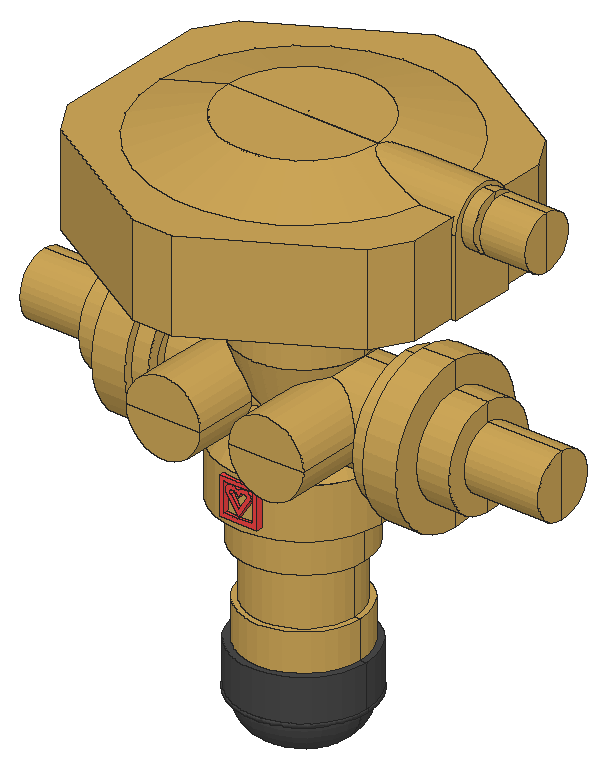
Revit family "Kombiventil 4006_R", category Rohrzubehör, Revit 2018
Family settings
  Bemaßung runder Anschluss = Durchmesser verwenden
  Teiletyp = Unterbricht
  OmniClass-Nummer = 23.65.55.14
  OmniClass-Titel = Valves for Liquid Services
  Arbeitsebenenbasiert = Nein
  Immer vertikal = Ja
  Beim Laden mit Abzugskörper schneiden = Nein
  Gemeinsam genutzt = Nein
Parameters
  min.Betriebstemperatur (Frostschutz) = -20 °C  # constant formula
  max.Betriebstemperatur bis DN32 = 130 °C  # constant formula
  max.Betriebstemperatur ab DN40 = 110 °C  # constant formula
  max.Betriebsdruck = 1600000.0 Pa  # constant formula
  VRL04 = 8.000 mm  # constant formula
  VRL03 [instance] = L01 + 4.000 mm  # 12.000 mm
  VRL02 = 18.000 mm  # constant formula
  VRL01 [instance] = size_lookup("4006R_", "VRL1", 30.000 mm, Nennweite)  # 30.000 mm
  URL = "www.herz-armaturen.at"
  Stift = "Edelstahl 14301"  # constant formula
  SCRNSEQ = "ARM;ARM_TYP=\"DURR\";2"
  SCRNCODE = "05;04;02"  # constant formula
  S05 [instance] = VRL01  # 30.000 mm
  S04 [instance] = H08 + (S03 / 2)  # 45.750 mm
  S03 [instance] = H09 + 4.700 mm  # 26.500 mm
  S02 [instance] = VRD01 * 2  # 36.400 mm
  S01 [instance] = 10.000 mm  # constant formula
  R12 = 3.900 mm  # constant formula
  R11 = 6.500 mm  # constant formula
  R10 = 35.000 mm  # constant formula
  R09 = 18.250 mm  # constant formula
  R08 = 11.300 mm  # constant formula
  R07 [instance] = size_lookup("4006R_", "R7", 17.300 mm, Nennweite)  # 17.300 mm
  R06 [instance] = size_lookup("4006R_", "R6", 19.000 mm, Nennweite)  # 19.000 mm
  R05 = 15.000 mm  # constant formula
  R04 = 12.500 mm  # constant formula
  R02 [instance] = size_lookup("4006R_", "R2", 15.000 mm, Nennweite)  # 15.000 mm
  R01 [instance] = size_lookup("4006R_", "R1", 11.500 mm, Nennweite)  # 11.500 mm
  PN = 16  # constant formula
  O-Ringe = "EPDM"  # constant formula
  Nennweite [instance] = 15.000 mm
  min.Betriebstemperatur (reines Wasser) = 2 °C  # constant formula
  Membrangehäuse = "Messing CW602N"  # constant formula
  Membrane = "EPDM"  # constant formula
  Medium = "Heizungswasserqualität nach ÖNORM H 5195 oder VDI-Richtline 2035.\r\nDie Verwendung von Ethylen- oder\nPropylenglykol in einem Mischungsverhältnis 25 - 50% ist zulässig."
  L06 [instance] = L00 / 2  # 33.000 mm
  L05 = 11.000 mm  # constant formula
  L04 = 1.500 mm  # constant formula
  L03 = 3.200 mm  # constant formula
  L02 = 43.500 mm  # constant formula
  L01 [instance] = size_lookup("4006R_", "L1", 8.000 mm, Nennweite)  # 8.000 mm
  L00 [instance] = size_lookup("4006R_", "L", 66.000 mm, Nennweite)  # 66.000 mm
  Impulsleitung = "Kupfer Cu-DHP (CW024A)"  # constant formula
  Hub = 4.000 mm  # constant formula
  Hersteller = "Herz-Armaturen GmbH"  # constant formula
  H13 [instance] = H02 - H05 - H03 - H04 - 2.000 mm  # 21.700 mm
  H12 = 19.250 mm  # constant formula
  H11 [instance] = size_lookup("4006R_", "H11", 59.000 mm, Nennweite)  # 59.000 mm
  H10 [instance] = H08 + H09  # 54.300 mm
  H09 = 21.800 mm  # constant formula
  H08 [instance] = H01 + H06 + H07  # 32.500 mm
  H07 = 4.000 mm  # constant formula
  H06 [instance] = size_lookup("4006R_", "H6", 10.000 mm, Nennweite)  # 10.000 mm
  H05 = 9.000 mm  # constant formula
  H04 [instance] = size_lookup("4006R_", "H4", 9.600 mm, Nennweite)  # 9.600 mm
  H03 [instance] = size_lookup("4006R_", "H3", 13.000 mm, Nennweite)  # 13.000 mm
  H02 [instance] = size_lookup("4006R_", "H2", 55.300 mm, Nennweite)  # 55.300 mm
  H01 [instance] = size_lookup("4006R_", "H1", 18.500 mm, Nennweite)  # 18.500 mm
  Gehäuse = "DZR Messing CC770S"  # constant formula
  VRG03 [instance] = Nennweite / 2  # 7.500 mm
  G02 [instance] = size_lookup("4006R_", "G2", 13.900 mm, Nennweite)  # 13.900 mm
  G01 [instance] = size_lookup("4006R_", "G1", 13.200 mm, Nennweite)  # 13.200 mm
  Druckfeder = "Federstahl"  # constant formula
  DN50 [instance] = Nennweite = 50.000 mm  # no
  DN40 [instance] = Nennweite = 40.000 mm  # no
  DN32 [instance] = Nennweite = 32.000 mm  # no
  DN25 [instance] = Nennweite = 25.000 mm  # no
  DN20 [instance] = Nennweite = 20.000 mm  # no
  DN15 [instance] = Nennweite = 15.000 mm  # yes
  VRD03 [instance] = VRG03 + 4.500 mm  # 12.000 mm
  VRD02 [instance] = G01 + 3.000 mm  # 16.200 mm
  VRD01 [instance] = G01 + 5.000 mm  # 18.200 mm
  Bestellnummer Verschraubung [instance] = size_lookup("4006R_", "Vrnr", 0, Nennweite)  # 1621011
  Bestellnummer [instance] = size_lookup("4006R_", "Artnr", 0, Nennweite)  # 1400641
  Bauschutzkappe = "Kunststoff"  # constant formula
  Anwendungsgebiet = "Das Kombiventil wird in allen pumpenbetriebenen Heiz- und Kühlanlagen eingesetzt. Der Regler begrenzt automatisch\r\nden Volumenstrom im gewählten Anlagenteil auf den einmal eingestellten Wert, indem alle Druckschwankungen\r\ngemessen und ausgeregelt werden. Somit sind keine Messungen erforderlich und die Regelung ist bei allen\r\nBetriebsbedingungen effektiv. Das Kombiventil regelt den Volumenstrom der ventileigenen Voreinstellung auf einen\r\nkonstanten Wert; die Membran regelt aufgrund des Druckes unmittelbar nach dem Regeleinsatz, sowie des Druckes\r\ndavor."
Reference planes
  plane 1 "Mitte (Vorne/hinten)": y = 0
  plane 2: z = 0
  plane 3 "Mitte (Links/rechts)": x = 0
Forms (mm)
  Revolve 1, solid, material "Messing, weicher Gelbton, geschweißt", detail levels fine
    sketch origin (0, 0, 0) x (1, 0, 0) y (0, 0, 1)
      loop
        line (-33, 0) -> (33, 0) -> (33, 13.2) -> (25, 13.2) -> (25, 11.5) -> (-25, 11.5) -> (-25, 13.2) -> (-33, 13.2) -> (-33, 0)
      axis (-33, 0) -> (33, 0)
    angle from 0 to 360
  Revolve 2, solid, material "Messing, weicher Gelbton, geschweißt", detail levels fine
    sketch origin (0, 0, 0) x (1, 0, 0) y (0, 0, 1)
      loop
        line (0, -55.3) -> (0, 18.5) -> (-15, 18.5) -> (-15, 11.5) -> (-11.5, 0) -> (-19, -11.5) -> (-19, -23.7) -> (-15, -23.7) -> (-15, -33.3) -> (-12.5, -33.3) -> (-12.5, -46.3) -> (-13.9, -46.3) -> (-13.9, -55.3) -> (0, -55.3)
      axis (0, 18.5) -> (0, -55.3)
    angle from 0 to 360
  Revolve 3, solid, material "Messing, weicher Gelbton, geschweißt", detail levels fine
    sketch origin (0, 0, 0) x (1, 0, 0) y (0, 0, 1)
      loop
        line (0, 18.5) -> (0, 32.5) -> (-11.3, 32.5) -> (-11.3, 28.5) -> (-17.3, 28.5) -> (-17.3, 18.5) -> (0, 18.5)
      axis (0, 32.5) -> (0, 18.5)
    angle from 0 to 360
  Extrusion 4, solid, material "Messing, weicher Gelbton, geschweißt", detail levels fine
    sketch origin (0, 0, 0) x (0, -1, 0) y (1, 0, 0)
      loop
        line (-46, -4.75) -> (-27.114, -37.462) -> (-18.886, -42.212) -> (18.886, -42.212) -> (27.114, -37.462) -> (46, -4.75) -> (46, 4.75) -> (27.114, 37.462) -> (18.886, 42.212) -> (-18.886, 42.212) -> (-27.114, 37.462) -> (-46, 4.75) -> (-46, -4.75)
    from 32.5 to 54.3
  Revolve 5, solid, material "Messing, weicher Gelbton, geschweißt", detail levels fine
    sketch origin (0, 0, 0) x (1, 0, 0) y (0, 0, 1)
      loop
        line (0, 54.3) -> (0, 59) -> (-18.25, 59) -> (-35, 54.3) -> (0, 54.3)
      axis (0, 59) -> (0, 54.3)
    angle from 0 to 360
  Extrusion 6, solid, material "Messing, weicher Gelbton, geschweißt", detail levels fine
    sketch origin (0, 0, 0) x (0, 1, 0) y (0, 0, 1)
      loop
        arc (7.85, 51.15) -> (0, 59) -> (-7.85, 51.15) r 7.85
        line (-7.85, 51.15) -> (-7.85, 32.5) -> (7.85, 32.5) -> (7.85, 51.15)
    from 0 to 43.5
  Revolve 7, solid, material "Messing, weicher Gelbton, geschweißt", detail levels fine
    sketch origin (0, 0, 0) x (1, 0, 0) y (0, 0, 1)
      loop
        line (43.5, 51.75) -> (59.2, 51.75) -> (59.2, 58.25) -> (48.2, 58.25) -> (48.2, 55.65) -> (46.7, 55.65) -> (46.7, 58.25) -> (43.5, 58.25) -> (43.5, 51.75)
      axis (43.5, 51.75) -> (59.2, 51.75)
    angle from 0 to 360
  Revolve 8, solid, material "Messing, weicher Gelbton, geschweißt", visible <- "DN15", detail levels fine
    sketch origin (0, 0, 0) x (1, 0, 0) y (0, 1, 0)
      loop
        line (-12.5, 24) -> (-20.2, 24) -> (-20.2, 0) -> (-21.5, 0) -> (-21.5, -27) -> (-12.5, -27) -> (-12.5, 24)
      axis (-12.5, 24) -> (-12.5, -27)
    angle from 0 to 360
  Revolve 9, solid, material "Messing, weicher Gelbton, geschweißt", visible <- "DN15", detail levels fine
    sketch origin (-12.5, 0, 0) x (0, 1, 0) y (0, 0, 1)
      loop
        line (24, 0) -> (39.7, 0) -> (39.7, 6.5) -> (28.7, 6.5) -> (28.7, 3.9) -> (27.2, 3.9) -> (27.2, 6.5) -> (24, 6.5) -> (24, 0)
      axis (24, 0) -> (39.7, 0)
    angle from 0 to 360
  Revolve 10, solid, material "Messing, weicher Gelbton, geschweißt", visible <- "DN15", detail levels fine
    sketch origin (0, 0, 0) x (1, 0, 0) y (0, 1, 0)
      loop
        line (12.5, 0) -> (12.5, -27) -> (21.6, -27) -> (21.6, 0) -> (12.5, 0)
      axis (12.5, 0) -> (12.5, -27)
    angle from 0 to 360
  Revolve 11, solid, material "Messing, weicher Gelbton, geschweißt", visible <- "DN20", detail levels fine
    sketch origin (-2, 0, 0) x (1, 0, 0) y (0, 1, 0)
      loop
        line (-12.5, 27) -> (-20.2, 27) -> (-20.2, 0) -> (-21.5, 0) -> (-21.5, -29) -> (-12.5, -29) -> (-12.5, 27)
      axis (-12.5, 27) -> (-12.5, -29)
    angle from 0 to 360
  Revolve 12, solid, material "Messing, weicher Gelbton, geschweißt", visible <- "DN20", detail levels fine
    sketch origin (2, 0, 0) x (1, 0, 0) y (0, 1, 0)
      loop
        line (12.5, 0) -> (12.5, -29) -> (21.6, -29) -> (21.6, 0) -> (12.5, 0)
      axis (12.5, 0) -> (12.5, -29)
    angle from 0 to 360
  Revolve 13, solid, material "Messing, weicher Gelbton, geschweißt", visible <- "DN20", detail levels fine
    sketch origin (-14.5, 3, 0) x (0, 1, 0) y (0, 0, 1)
      loop
        line (24, 0) -> (39.7, 0) -> (39.7, 6.5) -> (28.7, 6.5) -> (28.7, 3.9) -> (27.2, 3.9) -> (27.2, 6.5) -> (24, 6.5) -> (24, 0)
      axis (24, 0) -> (39.7, 0)
    angle from 0 to 360
  Revolve 14, solid, material "Messing, weicher Gelbton, geschweißt", visible <- "DN25", detail levels fine
    sketch origin (-2.1, 0, 0) x (1, 0, 0) y (0, 1, 0)
      loop
        line (-12.5, 27) -> (-20.2, 27) -> (-20.2, 0) -> (-21.5, 0) -> (-21.5, -29) -> (-12.5, -29) -> (-12.5, 27)
      axis (-12.5, 27) -> (-12.5, -29)
    angle from 0 to 360
  Revolve 15, solid, material "Messing, weicher Gelbton, geschweißt", visible <- "DN25", detail levels fine
    sketch origin (-14.6, 3, 0) x (0, 1, 0) y (0, 0, 1)
      loop
        line (24, 0) -> (39.7, 0) -> (39.7, 6.5) -> (28.7, 6.5) -> (28.7, 3.9) -> (27.2, 3.9) -> (27.2, 6.5) -> (24, 6.5) -> (24, 0)
      axis (24, 0) -> (39.7, 0)
    angle from 0 to 360
  Revolve 16, solid, material "Messing, weicher Gelbton, geschweißt", visible <- "DN25", detail levels fine
    sketch origin (2.1, 0, 0) x (1, 0, 0) y (0, 1, 0)
      loop
        line (12.5, 0) -> (12.5, -29) -> (21.6, -29) -> (21.6, 0) -> (12.5, 0)
      axis (12.5, 0) -> (12.5, -29)
    angle from 0 to 360
  Revolve 17, solid, material "Messing, weicher Gelbton, geschweißt", visible <- "DN32", detail levels fine
    sketch origin (0, 0, 0.637) x (1, 0, 0) y (0, 0, 1)
      loop
        line (-31.5, -0.637) -> (-40.5, -0.637) -> (-40.5, -43.437) -> (-31.5, -43.437) -> (-31.5, -0.637)
      axis (-31.5, -43.437) -> (-31.5, -0.637)
    angle from 0 to 360
  Revolve 18, solid, material "Messing, weicher Gelbton, geschweißt", visible <- "DN32", detail levels fine
    sketch origin (0, 0, 0.637) x (-1, 0, 0) y (0, 0, 1)
      loop
        line (-31.5, -0.637) -> (-40.5, -0.637) -> (-40.5, -43.437) -> (-31.5, -43.437) -> (-31.5, -0.637)
      axis (-31.5, -43.437) -> (-31.5, -0.637)
    angle from 0 to 360
  Revolve 19, solid, material "Messing, weicher Gelbton, geschweißt", visible <- "DN40", detail levels fine
    sketch origin (0, 0, 0) x (1, 0, 0) y (0, 0, 1)
      loop
        line (-37, 0) -> (-46, 0) -> (-46, -54.2) -> (-37, -54.2) -> (-37, 0)
      axis (-37, 0) -> (-37, -54.2)
    angle from 0 to 360
  Revolve 20, solid, material "Messing, weicher Gelbton, geschweißt", visible <- "DN40", detail levels fine
    sketch origin (0, 0, 0) x (-1, 0, 0) y (0, 0, 1)
      loop
        line (-37, 0) -> (-46, 0) -> (-46, -54.2) -> (-37, -54.2) -> (-37, 0)
      axis (-37, 0) -> (-37, -54.2)
    angle from 0 to 360
  Revolve 21, solid, material "Messing, weicher Gelbton, geschweißt", visible <- "DN50", detail levels fine
    sketch origin (-0.1, 0, 0) x (1, 0, 0) y (0, 0, 1)
      loop
        line (-37, 0) -> (-46, 0) -> (-46, -54.2) -> (-37, -54.2) -> (-37, 0)
      axis (-37, 0) -> (-37, -54.2)
    angle from 0 to 360
  Revolve 22, solid, material "Messing, weicher Gelbton, geschweißt", visible <- "DN50", detail levels fine
    sketch origin (0.1, 0, 0) x (-1, 0, 0) y (0, 0, 1)
      loop
        line (-37, 0) -> (-46, 0) -> (-46, -54.2) -> (-37, -54.2) -> (-37, 0)
      axis (-37, 0) -> (-37, -54.2)
    angle from 0 to 360
  Revolve 23, solid, material "Messing, weicher Gelbton, geschweißt", detail levels fine
    sketch origin (-97.028, 0, 0) x (1, 0, 0) y (0, 0, 1)
      loop
        line (130.028, 0) -> (160.028, 0) -> (160.028, 7.5) -> (142.028, 7.5) -> (142.028, 12) -> (134.028, 12) -> (134.028, 18.2) -> (126.028, 18.2) -> (126.028, 16.2) -> (122.028, 16.2) -> (122.028, 13.2) -> (130.028, 13.2) -> (130.028, 0)
      axis (122.028, 0) -> (160.028, 0)
    angle from 0 to 360
  Revolve 24, solid, material "Messing, weicher Gelbton, geschweißt", detail levels fine
    sketch origin (97.028, 0, 0) x (-1, 0, 0) y (0, 0, 1)
      loop
        line (130.028, 0) -> (160.028, 0) -> (160.028, 7.5) -> (142.028, 7.5) -> (142.028, 12) -> (134.028, 12) -> (134.028, 18.2) -> (126.028, 18.2) -> (126.028, 16.2) -> (122.028, 16.2) -> (122.028, 13.2) -> (130.028, 13.2) -> (130.028, 0)
      axis (122.028, 0) -> (160.028, 0)
    angle from 0 to 360
  Revolve 25, solid, material "Messing, weicher Gelbton, geschweißt", visible <- "DN32", detail levels fine
    sketch origin (-9.5, 0, 0) x (1, 0, 0) y (0, 1, 0)
      loop
        line (-12.5, -31) -> (-12.5, 0) -> (-20.2, 0) -> (-20.2, -31) -> (-12.5, -31)
      axis (-12.5, 0) -> (-12.5, -31)
    angle from 0 to 360
  Revolve 26, solid, material "Messing, weicher Gelbton, geschweißt", visible <- "DN32", detail levels fine
    sketch origin (-22, -7, 0) x (0, -1, 0) y (0, 0, -1)
      loop
        line (24, 0) -> (24, -6.5) -> (27.2, -6.5) -> (27.2, -3.9) -> (28.7, -3.9) -> (28.7, -6.5) -> (39.7, -6.5) -> (39.7, 0) -> (24, 0)
      axis (24, 0) -> (39.7, 0)
    angle from 0 to 360
  Revolve 27, solid, material "Messing, weicher Gelbton, geschweißt", visible <- "DN40", detail levels fine
    sketch origin (-17.5, 0, 0) x (1, 0, 0) y (0, 1, 0)
      loop
        line (-12.5, -39.5) -> (-12.5, 0) -> (-20.2, 0) -> (-20.2, -39.5) -> (-12.5, -39.5)
      axis (-12.5, 0) -> (-12.5, -39.5)
    angle from 0 to 360
  Revolve 28, solid, material "Messing, weicher Gelbton, geschweißt", visible <- "DN40", detail levels fine
    sketch origin (-30, -15.5, 0) x (0, -1, 0) y (0, 0, -1)
      loop
        line (24, 0) -> (24, -6.5) -> (27.2, -6.5) -> (27.2, -3.9) -> (28.7, -3.9) -> (28.7, -6.5) -> (39.7, -6.5) -> (39.7, 0) -> (24, 0)
      axis (24, 0) -> (39.7, 0)
    angle from 0 to 360
  Revolve 29, solid, material "Messing, weicher Gelbton, geschweißt", visible <- "DN50", detail levels fine
    sketch origin (-17.6, 0, 0) x (1, 0, 0) y (0, 1, 0)
      loop
        line (-12.5, -39.5) -> (-12.5, 0) -> (-20.2, 0) -> (-20.2, -39.5) -> (-12.5, -39.5)
      axis (-12.5, 0) -> (-12.5, -39.5)
    angle from 0 to 360
  Revolve 30, solid, material "Messing, weicher Gelbton, geschweißt", visible <- "DN50", detail levels fine
    sketch origin (-30.1, -15.5, 0) x (0, -1, 0) y (0, 0, -1)
      loop
        line (24, 0) -> (24, -6.5) -> (27.2, -6.5) -> (27.2, -3.9) -> (28.7, -3.9) -> (28.7, -6.5) -> (39.7, -6.5) -> (39.7, 0) -> (24, 0)
      axis (24, 0) -> (39.7, 0)
    angle from 0 to 360
Lines and regions (mm)
  model lines, detail levels coarse+medium
    curve 1: line (33, -18.2, 0) -> (33, 18.2, 0)
    curve 2: line (33, 18.2, 0) -> (-33, -18.2, 0)
    curve 3: line (-33, -18.2, 0) -> (-33, 18.2, 0)
    curve 4: line (-33, 18.2, 0) -> (33, -18.2, 0)
    curve 5: line (0, -18.5, 0) -> (0, -32.5, 0)
    curve 6: spline (-43.5, -45.75, 0) -> (-42.018, -42.321, 0) -> (-37.672, -39.125, 0) -> (-30.759, -36.381, 0) -> (-21.75, -34.275, 0) -> (-11.259, -32.951, 0) -> (0, -32.5, 0) -> (11.259, -32.951, 0) -> (21.75, -34.275, 0) -> (30.759, -36.381, 0) -> (37.672, -39.125, 0) -> (42.018, -42.321, 0) -> (43.5, -45.75, 0) -> (42.018, -49.179, 0) -> (37.672, -52.375, 0) -> (30.759, -55.119, 0) -> (21.75, -57.225, 0) -> (11.259, -58.549, 0) -> (0, -59, 0) -> (-11.259, -58.549, 0) -> (-21.75, -57.225, 0) -> (-30.759, -55.119, 0) -> (-37.672, -52.375, 0) -> (-42.018, -49.179, 0) -> (-43.5, -45.75, 0)
    curve 7: line (-33, 0, 18.2) -> (-33, 0, -18.2)
    curve 8: line (-33, 0, -18.2) -> (33, 0, 18.2)
    curve 9: line (33, 0, 18.2) -> (33, 0, -18.2)
    curve 10: line (33, 0, -18.2) -> (-33, 0, 18.2)
    curve 11: line (0, 0, 18.5) -> (0, 0, 32.5)
    curve 12: spline (-43.5, 0, 45.75) -> (-42.018, 0, 49.179) -> (-37.672, 0, 52.375) -> (-30.759, 0, 55.119) -> (-21.75, 0, 57.225) -> (-11.259, 0, 58.549) -> (0, 0, 59) -> (11.259, 0, 58.549) -> (21.75, 0, 57.225) -> (30.759, 0, 55.119) -> (37.672, 0, 52.375) -> (42.018, 0, 49.179) -> (43.5, 0, 45.75) -> (42.018, 0, 42.321) -> (37.672, 0, 39.125) -> (30.759, 0, 36.381) -> (21.75, 0, 34.275) -> (11.259, 0, 32.951) -> (0, 0, 32.5) -> (-11.259, 0, 32.951) -> (-21.75, 0, 34.275) -> (-30.759, 0, 36.381) -> (-37.672, 0, 39.125) -> (-42.018, 0, 42.321) -> (-43.5, 0, 45.75)
    curve 13: line (0, 0, 18.5) -> (-18.176, 0, 10.024)
    curve 14: line (0, 0, 18.5) -> (17.801, 0, 9.818)
    curve 15: line (33, 0, 18.2) -> (43, 0, 18.2)
    curve 16: line (43, 0, 18.2) -> (33, 0, 0)
    curve 17: line (33, 0, -18.2) -> (43, 0, -18.2)
    curve 18: line (43, 0, -18.2) -> (33, 0, 0)
    curve 19: line (-33, 0, 18.2) -> (-43, 0, 18.2)
    curve 20: line (-43, 0, 18.2) -> (-33, 0, 0)
    curve 21: line (-33, 0, -18.2) -> (-43, 0, -18.2)
    curve 22: line (-43, 0, -18.2) -> (-33, 0, 0)
    curve 23: line (33, 0, 0) -> (63, 0, 0)
    curve 24: line (-33, 0, 0) -> (-63, 0, 0)
    curve 25: line (0, -18.5, 0) -> (-16.5, -9.1, 0)
    curve 26: line (0, -18.5, 0) -> (16.5, -9.1, 0)
    curve 27: line (33, 18.2, 0) -> (43, 18.2, 0)
    curve 28: line (43, 18.2, 0) -> (33, 0, 0)
    curve 29: line (33, -18.2, 0) -> (43, -18.2, 0)
    curve 30: line (43, -18.2, 0) -> (33, 0, 0)
    curve 31: line (-33, 18.2, 0) -> (-43, 18.2, 0)
    curve 32: line (-43, 18.2, 0) -> (-33, 0, 0)
    curve 33: line (-33, -18.2, 0) -> (-43, -18.2, 0)
    curve 34: line (-43, -18.2, 0) -> (-33, 0, 0)
Dimensions and locks
  equal spacing: Revolve 1 sketch curve, plane 3 "Mitte (Links/rechts)", Revolve 1 sketch curve
  "L00": Revolve 1 sketch curve to Revolve 1 sketch curve
  "G01": Revolve 1 sketch curve to Revolve 1 sketch curve  (x2)
  "R01": Revolve 1 sketch curve to Revolve 1 sketch curve
  "L01": Revolve 1 sketch curve to Revolve 1 sketch curve  (x2)
  "H01": Revolve 2 sketch curve to plane 2
  "R01": Revolve 2 sketch curve to plane 2
  "R02": Revolve 2 sketch curve to Revolve 2 sketch curve
  "R01": Revolve 2 sketch curve to Revolve 2 sketch curve
  "H02": plane 2 to Revolve 2 sketch curve
  "G02": plane 3 "Mitte (Links/rechts)" to Revolve 2 sketch curve
  "H05": Revolve 2 sketch curve to Revolve 2 sketch curve
  "R04": Revolve 2 sketch curve to Revolve 2 sketch curve
  "R05": Revolve 2 sketch curve to Revolve 2 sketch curve
  "R06": Revolve 2 sketch curve to Revolve 2 sketch curve
  "R01": plane 2 to Revolve 2 sketch curve
  "H03": Revolve 2 sketch curve to Revolve 2 sketch curve
  "H04": Revolve 2 sketch curve to Revolve 2 sketch curve
  "H01": Revolve 3 sketch curve to plane 2
  "H06": Revolve 3 sketch curve to Revolve 3 sketch curve
  "R07": Revolve 3 sketch curve to Revolve 3 sketch curve
  "H07": Revolve 3 sketch curve to Revolve 3 sketch curve
  "R08": Revolve 3 sketch curve to Revolve 3 sketch curve
  "H08": Extrusion 4 to plane 2
  "H09": Extrusion 4 to Extrusion 4
  "H10": Revolve 5 sketch curve to plane 2
  "H11": Revolve 5 sketch curve to plane 2
  "R09": Revolve 5 sketch curve to Revolve 5 sketch curve
  "R10": Revolve 5 sketch curve to Revolve 5 sketch curve
  "L02": Extrusion 6 to plane 3 "Mitte (Links/rechts)"
  "H08": Extrusion 6 to plane 2
  "H12": Revolve 7 sketch curve to Extrusion 4
  "R11": Revolve 7 sketch curve to Revolve 7 sketch curve  (x2)
  "L03": Revolve 7 sketch curve to Revolve 7 sketch curve
  "L04": Revolve 7 sketch curve to Revolve 7 sketch curve
  "L05": Revolve 7 sketch curve to Revolve 7 sketch curve
  "R12": Revolve 7 sketch curve to Revolve 7 sketch curve
  "R11": Revolve 9 sketch curve to Revolve 9 sketch curve  (x2)
  "L03": Revolve 9 sketch curve to Revolve 9 sketch curve
  "L04": Revolve 9 sketch curve to Revolve 9 sketch curve
  "L05": Revolve 9 sketch curve to Revolve 9 sketch curve
  "R12": Revolve 9 sketch curve to Revolve 9 sketch curve
  "R06": plane 1 "Mitte (Vorne/hinten)" to nested 1
  Revolve 11 sketch curve to plane 1 "Mitte (Vorne/hinten)" = 29.000 mm
  plane 1 "Mitte (Vorne/hinten)" to Revolve 11 sketch curve = 27.000 mm
  Revolve 12 sketch curve to plane 1 "Mitte (Vorne/hinten)" = 29.000 mm
  "R11": Revolve 13 sketch curve to Revolve 13 sketch curve  (x2)
  "L03": Revolve 13 sketch curve to Revolve 13 sketch curve
  "L04": Revolve 13 sketch curve to Revolve 13 sketch curve
  "L05": Revolve 13 sketch curve to Revolve 13 sketch curve
  "R12": Revolve 13 sketch curve to Revolve 13 sketch curve
  "H13": plane 2 to nested 1
  "R11": Revolve 15 sketch curve to Revolve 15 sketch curve  (x2)
  "L03": Revolve 15 sketch curve to Revolve 15 sketch curve
  "L04": Revolve 15 sketch curve to Revolve 15 sketch curve
  "L05": Revolve 15 sketch curve to Revolve 15 sketch curve
  "R12": Revolve 15 sketch curve to Revolve 15 sketch curve
  plane 3 "Mitte (Links/rechts)" to Revolve 17 sketch curve = 31.500 mm
  Revolve 17 sketch curve to Revolve 17 sketch curve = 9.000 mm
  plane 2 to Revolve 17 sketch curve = 42.800 mm
  Revolve 18 sketch curve to Revolve 18 sketch curve = 9.000 mm
  "VRL01": Revolve 23 sketch curve to Revolve 23 sketch curve
  "L01": Revolve 23 sketch curve to Revolve 23 sketch curve
  "G01": Revolve 23 sketch curve to plane 2
  "VRD02": Revolve 23 sketch curve to plane 2
  "VRD01": Revolve 23 sketch curve to plane 2
  "VRG03": Revolve 23 sketch curve to Revolve 23 sketch curve
  "VRL02": Revolve 23 sketch curve to Revolve 23 sketch curve
  "VRD03": Revolve 23 sketch curve to Revolve 23 sketch curve
  "VRL03": Revolve 23 sketch curve to Revolve 23 sketch curve
  "VRL04": Revolve 23 sketch curve to Revolve 23 sketch curve
  "L06": plane 3 "Mitte (Links/rechts)" to Revolve 23 sketch curve
  "VRL01": Revolve 24 sketch curve to Revolve 24 sketch curve
  "L01": Revolve 24 sketch curve to Revolve 24 sketch curve
  "VRG03": Revolve 24 sketch curve to Revolve 24 sketch curve
  "VRL02": Revolve 24 sketch curve to Revolve 24 sketch curve
  "VRD03": Revolve 24 sketch curve to Revolve 24 sketch curve
  "VRL03": Revolve 24 sketch curve to Revolve 24 sketch curve
  "VRL04": Revolve 24 sketch curve to Revolve 24 sketch curve
  "L06": Revolve 24 sketch curve to plane 3 "Mitte (Links/rechts)"
  "H02": plane 2 to nested 2
  "L00": curve 3 to curve 1
  "S02": curve 3 to curve 4
  "S02": curve 4 to curve 2
  equal spacing: curve 3, plane 3 "Mitte (Links/rechts)", curve 1
  equal spacing: curve 3, plane 1 "Mitte (Vorne/hinten)", curve 4
  equal spacing: curve 4, plane 1 "Mitte (Vorne/hinten)", curve 2
  "H08": curve 5 to plane 1 "Mitte (Vorne/hinten)"
  "S04": curve 6 to plane 1 "Mitte (Vorne/hinten)"
  "S03": curve 6 to curve 6
  "L02": curve 6 to plane 3 "Mitte (Links/rechts)" to curve 6
  "S02": curve 10 to curve 8
  "S02": curve 9 to curve 10
  equal spacing: curve 10, plane 2, curve 8
  equal spacing: curve 9, plane 2, curve 10
  "L00": curve 7 to curve 9
  equal spacing: curve 7, plane 3 "Mitte (Links/rechts)", curve 9
  "H08": curve 11 to plane 2
  "S03": curve 12 to curve 12
  "L02": curve 12 to plane 3 "Mitte (Links/rechts)" to curve 12
  "H01": curve 14 to plane 2
  "S01": curve 9 to curve 16
  "S01": curve 9 to curve 18
  "S01": curve 20 to curve 7
  "S01": curve 22 to curve 7
  "S05": curve 23 to Revolve 23
  "S05": Revolve 24 to curve 24
  equal spacing: curve 3, curve 25, plane 3 "Mitte (Links/rechts)"
  equal spacing: plane 3 "Mitte (Links/rechts)", curve 26, curve 1
  "H01": curve 26 to plane 1 "Mitte (Vorne/hinten)"
  "S01": curve 1 to curve 28
  "S01": curve 1 to curve 30
  "S01": curve 32 to curve 3
  "S01": curve 34 to curve 3
  "R11": Revolve 26 sketch curve to Revolve 26 sketch curve  (x2)
  "L03": Revolve 26 sketch curve to Revolve 26 sketch curve
  "L04": Revolve 26 sketch curve to Revolve 26 sketch curve
  "L05": Revolve 26 sketch curve to Revolve 26 sketch curve
  "R12": Revolve 26 sketch curve to Revolve 26 sketch curve
  Revolve 25 sketch curve to Revolve 25 sketch curve = 31.000 mm
  "R11": Revolve 28 sketch curve to Revolve 28 sketch curve  (x2)
  "L03": Revolve 28 sketch curve to Revolve 28 sketch curve
  "L04": Revolve 28 sketch curve to Revolve 28 sketch curve
  "L05": Revolve 28 sketch curve to Revolve 28 sketch curve
  "R12": Revolve 28 sketch curve to Revolve 28 sketch curve
  Revolve 27 sketch curve to Revolve 27 sketch curve = 39.500 mm
  "R11": Revolve 30 sketch curve to Revolve 30 sketch curve  (x2)
  "L03": Revolve 30 sketch curve to Revolve 30 sketch curve
  "L04": Revolve 30 sketch curve to Revolve 30 sketch curve
  "L05": Revolve 30 sketch curve to Revolve 30 sketch curve
  "R12": Revolve 30 sketch curve to Revolve 30 sketch curve
  Revolve 29 sketch curve to Revolve 29 sketch curve = 39.500 mm
  aligned and locked: level to plane 2
Automatic sketch dimensions
  plane 3 "Mitte (Links/rechts)" to Extrusion 4 sketch curve = 4.750 mm  (x2)
  Extrusion 4 sketch curve to plane 1 "Mitte (Vorne/hinten)" = 46.000 mm
  Extrusion 4 sketch curve to plane 1 "Mitte (Vorne/hinten)" = 27.114 mm  (x2)
  Extrusion 4 sketch curve to Extrusion 4 sketch curve = 8.227 mm  (x4)
  plane 1 "Mitte (Vorne/hinten)" to Extrusion 4 sketch curve = 18.886 mm  (x2)
  Extrusion 4 sketch curve to Extrusion 4 sketch curve = 18.886 mm
  Extrusion 4 sketch curve to plane 3 "Mitte (Links/rechts)" = 4.750 mm  (x2)
  Extrusion 4 sketch curve to plane 3 "Mitte (Links/rechts)" = 37.462 mm  (x2)
  Extrusion 4 sketch curve to Extrusion 4 sketch curve = 4.750 mm  (x2)
  plane 3 "Mitte (Links/rechts)" to Extrusion 4 sketch curve = 37.462 mm  (x2)
  Extrusion 6 sketch curve to plane 1 "Mitte (Vorne/hinten)" = 0.000 mm
  plane 1 "Mitte (Vorne/hinten)" to Extrusion 6 sketch curve = 7.850 mm
  level to Extrusion 6 sketch curve = 32.500 mm
  Extrusion 6 sketch curve to Extrusion 6 sketch curve = 18.650 mm
  Extrusion 6 sketch curve to Extrusion 6 sketch curve = 0.000 mm
  plane 1 "Mitte (Vorne/hinten)" to Revolve 8 sketch curve = 0.000 mm
  Revolve 8 sketch curve to plane 3 "Mitte (Links/rechts)" = 21.500 mm
  Revolve 8 sketch curve to plane 3 "Mitte (Links/rechts)" = 20.200 mm
  Revolve 8 sketch curve to Revolve 8 sketch curve = 7.700 mm
  plane 1 "Mitte (Vorne/hinten)" to Revolve 8 sketch curve = 27.000 mm
  Revolve 8 sketch curve to plane 1 "Mitte (Vorne/hinten)" = 24.000 mm
  Revolve 8 sketch curve to Revolve 8 sketch curve = 0.000 mm  (x3)
  plane 1 "Mitte (Vorne/hinten)" to Revolve 10 sketch curve = 0.000 mm  (x2)
  plane 3 "Mitte (Links/rechts)" to Revolve 10 sketch curve = 12.500 mm
  Revolve 10 sketch curve to Revolve 10 sketch curve = 9.100 mm
  plane 1 "Mitte (Vorne/hinten)" to Revolve 10 sketch curve = 27.000 mm
  Revolve 10 sketch curve to Revolve 10 sketch curve = 0.000 mm  (x2)
  plane 1 "Mitte (Vorne/hinten)" to Revolve 11 sketch curve = 0.000 mm
  Revolve 11 sketch curve to plane 3 "Mitte (Links/rechts)" = 23.500 mm
  Revolve 11 sketch curve to plane 3 "Mitte (Links/rechts)" = 22.200 mm
  Revolve 11 sketch curve to Revolve 11 sketch curve = 7.700 mm
  Revolve 11 sketch curve to Revolve 11 sketch curve = 0.000 mm
  Revolve 11 sketch curve to Revolve 11 sketch curve = 2.000 mm
  Revolve 11 sketch curve to Revolve 11 sketch curve = 3.000 mm
  plane 1 "Mitte (Vorne/hinten)" to Revolve 12 sketch curve = 0.000 mm  (x2)
  plane 3 "Mitte (Links/rechts)" to Revolve 12 sketch curve = 14.500 mm
  Revolve 12 sketch curve to Revolve 12 sketch curve = 9.100 mm
  Revolve 12 sketch curve to Revolve 12 sketch curve = 0.000 mm
  Revolve 12 sketch curve to Revolve 12 sketch curve = 2.000 mm
  plane 1 "Mitte (Vorne/hinten)" to Revolve 14 sketch curve = 0.000 mm
  Revolve 14 sketch curve to plane 3 "Mitte (Links/rechts)" = 23.600 mm
  Revolve 14 sketch curve to plane 3 "Mitte (Links/rechts)" = 22.300 mm
  Revolve 14 sketch curve to Revolve 14 sketch curve = 7.700 mm
  plane 1 "Mitte (Vorne/hinten)" to Revolve 14 sketch curve = 29.000 mm
  Revolve 14 sketch curve to Revolve 14 sketch curve = 27.000 mm
  Revolve 14 sketch curve to Revolve 14 sketch curve = 0.000 mm
  Revolve 14 sketch curve to Revolve 14 sketch curve = 2.000 mm
  Revolve 14 sketch curve to Revolve 14 sketch curve = 3.000 mm
  plane 1 "Mitte (Vorne/hinten)" to Revolve 16 sketch curve = 0.000 mm  (x2)
  plane 3 "Mitte (Links/rechts)" to Revolve 16 sketch curve = 14.600 mm
  Revolve 16 sketch curve to Revolve 16 sketch curve = 9.100 mm
  Revolve 16 sketch curve to Revolve 16 sketch curve = 29.000 mm
  Revolve 16 sketch curve to Revolve 16 sketch curve = 0.000 mm
  Revolve 16 sketch curve to Revolve 16 sketch curve = 2.000 mm
  Revolve 17 sketch curve to level = 0.000 mm
  Revolve 17 sketch curve to Revolve 17 sketch curve = 0.000 mm
  Revolve 17 sketch curve to Revolve 17 sketch curve = 4.238 mm
  level to Revolve 17 sketch curve = 0.637 mm
  Revolve 18 sketch curve to level = 0.000 mm
  Revolve 18 sketch curve to plane 3 "Mitte (Links/rechts)" = 40.500 mm
  level to Revolve 18 sketch curve = 42.800 mm
  Revolve 18 sketch curve to Revolve 18 sketch curve = 0.000 mm
  Revolve 18 sketch curve to Revolve 18 sketch curve = 4.238 mm
  Revolve 18 sketch curve to level = 0.637 mm
  Revolve 19 sketch curve to level = 0.000 mm  (x2)
  Revolve 19 sketch curve to plane 3 "Mitte (Links/rechts)" = 46.000 mm
  Revolve 19 sketch curve to Revolve 19 sketch curve = 9.000 mm
  Revolve 19 sketch curve to level = 54.200 mm
  Revolve 19 sketch curve to Revolve 19 sketch curve = 0.000 mm  (x2)
  Revolve 20 sketch curve to level = 0.000 mm  (x2)
  Revolve 20 sketch curve to plane 3 "Mitte (Links/rechts)" = 46.000 mm
  Revolve 20 sketch curve to Revolve 20 sketch curve = 9.000 mm
  level to Revolve 20 sketch curve = 54.200 mm
  Revolve 20 sketch curve to Revolve 20 sketch curve = 0.000 mm  (x2)
  Revolve 21 sketch curve to level = 0.000 mm  (x2)
  Revolve 21 sketch curve to plane 3 "Mitte (Links/rechts)" = 46.100 mm
  Revolve 21 sketch curve to Revolve 21 sketch curve = 9.000 mm
  Revolve 21 sketch curve to Revolve 21 sketch curve = 54.200 mm
  Revolve 21 sketch curve to Revolve 21 sketch curve = 0.000 mm  (x2)
  Revolve 22 sketch curve to level = 0.000 mm  (x2)
  Revolve 22 sketch curve to plane 3 "Mitte (Links/rechts)" = 46.100 mm
  Revolve 22 sketch curve to Revolve 22 sketch curve = 9.000 mm
  Revolve 22 sketch curve to Revolve 22 sketch curve = 54.200 mm
  Revolve 22 sketch curve to Revolve 22 sketch curve = 0.000 mm  (x2)
  plane 1 "Mitte (Vorne/hinten)" to Revolve 25 sketch curve = 0.000 mm  (x2)
  Revolve 25 sketch curve to plane 3 "Mitte (Links/rechts)" = 29.700 mm
  Revolve 25 sketch curve to Revolve 25 sketch curve = 7.700 mm
  Revolve 25 sketch curve to Revolve 25 sketch curve = 0.000 mm
  Revolve 25 sketch curve to Revolve 25 sketch curve = 7.000 mm
  plane 1 "Mitte (Vorne/hinten)" to Revolve 27 sketch curve = 0.000 mm  (x2)
  Revolve 27 sketch curve to plane 3 "Mitte (Links/rechts)" = 37.700 mm
  Revolve 27 sketch curve to Revolve 27 sketch curve = 7.700 mm
  Revolve 27 sketch curve to Revolve 27 sketch curve = 0.000 mm
  Revolve 27 sketch curve to Revolve 27 sketch curve = 15.500 mm
  plane 1 "Mitte (Vorne/hinten)" to Revolve 29 sketch curve = 0.000 mm  (x2)
  Revolve 29 sketch curve to plane 3 "Mitte (Links/rechts)" = 37.800 mm
  Revolve 29 sketch curve to Revolve 29 sketch curve = 7.700 mm
  Revolve 29 sketch curve to Revolve 29 sketch curve = 0.000 mm
  Revolve 29 sketch curve to Revolve 29 sketch curve = 15.500 mm
  curve 24 to level = 0.000 mm
  curve 14 to plane 3 "Mitte (Links/rechts)" = 0.000 mm
  curve 23 to level = 0.000 mm
  curve 18 to level = 18.200 mm
  curve 22 to level = 18.200 mm
  level to curve 15 = 18.200 mm
  level to curve 20 = 18.200 mm
  curve 24 to curve 21 = 20.000 mm
  curve 21 to curve 21 = 10.000 mm
  curve 19 to curve 19 = 10.000 mm
  curve 19 to curve 13 = 14.824 mm
  plane 3 "Mitte (Links/rechts)" to curve 14 = 17.801 mm
  curve 15 to curve 15 = 10.000 mm
  curve 17 to curve 17 = 10.000 mm
  curve 15 to curve 23 = 20.000 mm
  level to curve 14 = 9.818 mm
  level to curve 13 = 10.024 mm
  curve 26 to plane 3 "Mitte (Links/rechts)" = 0.000 mm
  plane 1 "Mitte (Vorne/hinten)" to curve 28 = 0.000 mm
  plane 1 "Mitte (Vorne/hinten)" to curve 32 = 0.000 mm
  Revolve 1 sketch curve to level = 0.000 mm  (x2)
  Revolve 1 sketch curve to Revolve 1 sketch curve = 1473.530 mm
  Revolve 1 sketch curve to Revolve 1 sketch curve = 1806.148 mm
  Revolve 2 sketch curve to level = 0.000 mm
  Revolve 2 sketch curve to plane 3 "Mitte (Links/rechts)" = 0.000 mm  (x2)
  Revolve 2 sketch curve to Revolve 2 sketch curve = 310.745 mm
  Revolve 2 sketch curve to Revolve 2 sketch curve = 2195.815 mm
  Revolve 3 sketch curve to plane 3 "Mitte (Links/rechts)" = 0.000 mm  (x2)
  Revolve 3 sketch curve to level = 366.045 mm
  Revolve 3 sketch curve to Revolve 3 sketch curve = 2178.815 mm
  Revolve 5 sketch curve to plane 3 "Mitte (Links/rechts)" = 0.000 mm  (x2)
  Revolve 5 sketch curve to level = 366.045 mm
  Revolve 5 sketch curve to Revolve 5 sketch curve = 2155.315 mm
  plane 3 "Mitte (Links/rechts)" to Revolve 7 sketch curve = 43.500 mm
  Revolve 7 sketch curve to Revolve 7 sketch curve = 0.000 mm  (x3)
  Revolve 9 sketch curve to level = 0.000 mm  (x2)
  Revolve 9 sketch curve to plane 1 "Mitte (Vorne/hinten)" = 24.000 mm
  Revolve 9 sketch curve to Revolve 9 sketch curve = 0.000 mm  (x2)
  Revolve 13 sketch curve to level = 0.000 mm  (x2)
  Revolve 13 sketch curve to plane 1 "Mitte (Vorne/hinten)" = 27.000 mm
  Revolve 13 sketch curve to Revolve 13 sketch curve = 0.000 mm  (x2)
  Revolve 15 sketch curve to level = 0.000 mm  (x2)
  Revolve 15 sketch curve to plane 1 "Mitte (Vorne/hinten)" = 27.000 mm
  Revolve 15 sketch curve to Revolve 15 sketch curve = 0.000 mm  (x2)
  Revolve 23 sketch curve to level = 0.000 mm  (x2)
  Revolve 23 sketch curve to plane 3 "Mitte (Links/rechts)" = 1603.558 mm
  Revolve 23 sketch curve to Revolve 23 sketch curve = 1682.120 mm
  Revolve 24 sketch curve to level = 0.000 mm  (x2)
  Revolve 24 sketch curve to Revolve 24 sketch curve = 1.200 mm
  Revolve 24 sketch curve to Revolve 24 sketch curve = 3.000 mm
  Revolve 24 sketch curve to Revolve 24 sketch curve = 6.200 mm
  Revolve 24 sketch curve to plane 3 "Mitte (Links/rechts)" = 1603.558 mm
  Revolve 24 sketch curve to Revolve 24 sketch curve = 1682.120 mm
  curve 11 to plane 3 "Mitte (Links/rechts)" = 0.000 mm
  curve 11 to curve 11 = 14.000 mm
  Revolve 26 sketch curve to level = 0.000 mm  (x2)
  plane 1 "Mitte (Vorne/hinten)" to Revolve 26 sketch curve = 31.000 mm
  Revolve 26 sketch curve to Revolve 26 sketch curve = 0.000 mm  (x2)
  Revolve 28 sketch curve to level = 0.000 mm  (x2)
  plane 1 "Mitte (Vorne/hinten)" to Revolve 28 sketch curve = 39.500 mm
  Revolve 28 sketch curve to Revolve 28 sketch curve = 0.000 mm  (x2)
  Revolve 30 sketch curve to level = 0.000 mm  (x2)
  plane 1 "Mitte (Vorne/hinten)" to Revolve 30 sketch curve = 39.500 mm
  Revolve 30 sketch curve to Revolve 30 sketch curve = 0.000 mm  (x2)
Nested families
  nested 1: "Herz-Logo-vorne" at (-0.018, -19, -17.2) x (0, 1, 0) z (0, 0, 1), type "Herz-Logo-vorne", detail levels fine
  nested 2: "Bauschutzkappe für Kombiventil" at (0, 0, -55.3), type "Bauschutzkappe für Kombiventil", detail levels fine
Connectors
  piping at (63, 0, 0), diameter 15, driven by "Nennweite"
    settings: on Revolve 23, index 1, connector inside diameter 609.6 mm, connector length 0.000 mm, flow factor 0, pipe flow 0.0 L/s, pressure drop 0.0 Pa, fitting loss kfactor 0, connector angle 0.00°, fixture units 0, engagement length 0.000 mm, angle of deflection 0.00°, flow configuration 0, flow direction 1, fitting loss method 0, system type 29, joint type 0, gender type 0, connector reference index -1, connector utility 0, adjustable connector no, is connector primary yes, connector description ""
  piping at (-63, 0, 0), diameter 15, driven by "Nennweite"
    settings: on Revolve 24, index 2, connector inside diameter 609.6 mm, connector length 0.000 mm, flow factor 0, pipe flow 0.0 L/s, pressure drop 0.0 Pa, fitting loss kfactor 0, connector angle 0.00°, fixture units 0, engagement length 0.000 mm, angle of deflection 0.00°, flow configuration 0, flow direction 1, fitting loss method 0, system type 29, joint type 0, gender type 0, connector reference index -1, connector utility 0, adjustable connector no, is connector primary no, connector description ""
Definition of nested family "Herz-Logo-vorne"
  Reference planes
    plane 1 "Mitte (Vorne/hinten)": y = 0
    plane 2: z = 0
    plane 3 "Mitte (Links/rechts)": x = 0
  Forms (mm)
    Extrusion 1, solid
      sketch origin (0.732, -0.018, 0.017) x (0, -1, 0) y (0, 0, 1)
        loop
          line (-0.018, -4.517) -> (4.482, -4.517) -> (4.482, 4.483) -> (-4.518, 4.483) -> (-4.518, -4.517) -> (-0.018, -4.517)
        loop
          line (-0.05, -3.48) -> (3.482, -3.48) -> (3.482, 3.483) -> (-3.518, 3.483) -> (-3.518, -3.48) -> (-0.05, -3.48)
        loop
          arc (-0.018, 2.383) -> (-1.543, 3.287) -> (-3.067, 2.383) r 1.738
          arc (-3.067, 2.383) -> (-3.191, 1.899) -> (-3.067, 1.415) r 1.009
          line (-3.067, 1.415) -> (-0.018, -3.281) -> (3.032, 1.415)
          arc (3.032, 1.415) -> (3.156, 1.899) -> (3.032, 2.383) r 1.009
          arc (3.032, 2.383) -> (1.507, 3.287) -> (-0.018, 2.383) r 1.738
        loop
          arc (1.885, 1.272) -> (2.005, 1.675) -> (1.885, 2.079) r 0.74
          arc (1.885, 2.079) -> (1.265, 2.416) -> (0.644, 2.079) r 0.74
          line (0.644, 2.079) -> (-0.018, 0.97) -> (-0.679, 2.079)
          arc (-0.679, 2.079) -> (-1.3, 2.416) -> (-1.921, 2.079) r 0.74
          arc (-1.921, 2.079) -> (-2.04, 1.675) -> (-1.921, 1.272) r 0.74
          line (-1.921, 1.272) -> (-0.018, -1.658) -> (1.885, 1.272)
      from 0 to 1.5
  Dimensions and locks
    aligned and locked: level to plane 2
Definition of nested family "Bauschutzkappe für Kombiventil"
  Reference planes
    plane 1 "Mitte (Vorne/hinten)": y = 0
    plane 2: z = 0
    plane 3 "Mitte (Links/rechts)": x = 0
  Forms (mm)
    Revolve 1, solid
      sketch origin (0, 0, 0) x (1, 0, 0) y (0, 0, 1)
        loop
          line (0, 0) -> (-15.5, 0) -> (-15.5, -10.067)
          arc (-15.5, -10.067) -> (-15.733, -10.629) -> (-15.25, -11) r 0.5
          line (-15.25, -11) -> (-14.093, -11)
          arc (-14.093, -11) -> (-11.457, -17.364) -> (-5.093, -20) r 9
          line (-5.093, -20) -> (0, -20) -> (0, 0)
        axis (0, 0) -> (0, -20)
      angle from 0 to 360
  Dimensions and locks
    aligned and locked: level to plane 2
